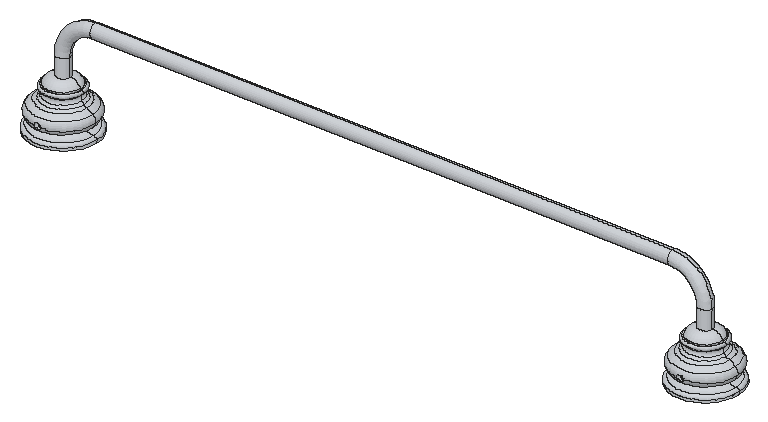
Revit family "Accessory-Towel_Bar-KOHLER-FAIRFAX-K-12151T", category Specialty Equipment, host Face, Revit 2017
Family settings
  Host = Face
  Round Connector Dimension = Use Diameter
  Part Type = Normal
  OmniClass Number = 23.31.25.25
  OmniClass Title = Towel Bars
  Cut with Voids When Loaded = No
  Shared = No
  Room Calculation Point = No
Parameters (values of type "CP-Polished Chrome")
  Width = 26 127/256"  # constant formula
  WaterSense Certified = 1 = 0  # no
  URL = "http://www.kohler.com.cn/"
  Type = 1
  Product Page URL = "http://www.kohler.com.cn/product/K-12151T-CP/K-12151T-CP/"
  Product Name = "FAIRFAX"  # constant formula
  Product Documentation Link = "http://files.kohler.com.cn/pdfs/accessory_fairfax.pdf"
  Model = if(Type = 1, "K-12151T-CP", if(Type = 2, "K-12151T-BN", if(Type = 3, "K-12151T-BV", "NA")))  # "K-12151T-CP"
  Material = "Brass Construction"  # constant formula
  Master Format 2014 Name = "Toilet, Bath, and Laundry Accessories"  # constant formula
  Master Format 2014 = "10 28 00"  # constant formula
  Manufacturer Address = "158 Jiangchang 3rd Road Zhabei District Shanghai, 200436 China"  # constant formula
  Manufacturer = "KOHLER Co."  # constant formula
  Length = 4 1/64"  # constant formula
  Height = 2 133/256"  # constant formula
  Finish = Kohler-Metal-CP-Polished_Chrome
  Environmental Product Declaration = ""
  Description = "Fairfax 24"  # constant formula
  Default Elevation = 42"
  Declare Label = ""
  Date Modified = "06/15/2020"  # constant formula
  Date Created = "06/15/2020"  # constant formula
  Copyright = "Copyright KOHLER Co."  # constant formula
  Contact Us = "http://www.kohler.com.cn/en/contact/contact-us/"
  Assembly Code = "C1030200"
  ADA Compliant = 1 = 0  # no
Types (4): name | Type | Product Page URL | Model | Finish
  (no name) | 1 | "http://www.kohler.com.cn/product/K-12151T-CP/K-12151T-CP/" | "K-12151T-CP" | Kohler-Metal-CP-Polished_Chrome
  CP-Polished Chrome | 1 | "http://www.kohler.com.cn/product/K-12151T-CP/K-12151T-CP/" | "K-12151T-CP" | Kohler-Metal-CP-Polished_Chrome
  BN-Romen Silver | 2 | "http://www.kohler.com.cn/product/K-12151T-CP/K-12151T-BN/" | "K-12151T-BN" | Kohler-Metal-BN-Roman_Silver
  BV-Romen Copper | 3 | "http://www.kohler.com.cn/product/K-12151T-CP/K-12151T-BV/" | "K-12151T-BV" | Kohler-Metal-BV-Roman_Copper
Reference planes (in)
  plane 1 "Center (Front/Back)": y = 0
  plane 2: z = 0
  plane 3 "Center (Left/Right)": x = 0
  plane 4: x = -12.00787
  plane 5: x = -13.24803
  plane 6: x = -10.76772
  plane 7: x = 12.00787
  plane 8: x = 13.24806
  plane 9: x = 10.76775
  plane 10: y = 1.25984
  plane 11: y = 0.25196
  plane 12: y = -1.25969
  plane 13: y = -0.25196
  plane 14: z = 4.01562
Dimensions and locks (in)
  "Width": plane 5 to plane 8
  locked: plane 4 to plane 7 at 24.01575
  "Height": plane 12 to plane 10
  plane 9 to plane 8 = 2.48031"
  "Length": level to plane 14
  aligned and locked: plane 2 to host face
  aligned and locked: level to host face
  aligned and locked: plane 3 "Center (Left/Right)" to nested 1
  aligned and locked: plane 1 "Center (Front/Back)" to nested 1
Automatic sketch dimensions
  host sketch curve to host sketch curve = 96"  (x2)
Nested families (in)
  nested 1: "K-12151T" at (0, 0, 0), type "K-12151T"
Definition of nested family "K-12151T"
  Parameters (values of type "K-12151T")
    Material = none
  Reference planes (in)
    plane 1 "Center (Front/Back)": y = 0
    plane 2: z = 0
    plane 3 "Center (Left/Right)": x = 0
    plane 4: x = -12.00787
    plane 5: z = 4.01575
    plane 6: x = 12.00787
    plane 7: y = 1.25984
    plane 8: y = -1.25984
    plane 9: x = -13.24803
    plane 10: x = 13.24803
    plane 11: x = -10.76772
    plane 12: x = 10.76772
    plane 13: y = 0.25196
    plane 14: y = -0.25196
  Forms (in)
    Revolve 1, solid, material <- "Material", detail levels medium+fine
      sketch origin (0.00787, 0, 0) x (1, 0, 0) y (0, 0, 1)
        loop
          line (-13.09326, 0.44291) -> (-12.79925, 0.44291)
          arc (-12.79925, 0.44291) -> (-12.93188, 0.26114) -> (-13.14845, 0.20002) r 0.3445
          arc (-13.14845, 0.20002) -> (-13.22543, 0.17197) -> (-13.25787, 0.09673) r 0.10346
          line (-13.25787, 0.09673) -> (-13.25787, 0) -> (-12.00787, 0) -> (-12.00787, 1.85701) -> (-12.25984, 1.85701)
          arc (-12.25984, 1.85701) -> (-12.49641, 1.78389) -> (-12.64156, 1.58329) r 0.39084
          arc (-12.64156, 1.58329) -> (-12.63857, 1.56527) -> (-12.62226, 1.55701) r 0.02023
          line (-12.62226, 1.55701) -> (-12.69537, 1.55701)
          arc (-12.69537, 1.55701) -> (-12.75214, 1.51857) -> (-12.74053, 1.45101) r 0.06323
          arc (-12.74053, 1.45101) -> (-12.71895, 1.42803) -> (-12.69686, 1.40555) r 1.41987
          arc (-12.69686, 1.40555) -> (-12.65343, 1.30884) -> (-12.68563, 1.20784) r 0.14834
          arc (-12.68563, 1.20784) -> (-12.72881, 1.16137) -> (-12.77842, 1.12183) r 0.42563
          arc (-12.77842, 1.12183) -> (-12.84278, 1.08073) -> (-12.90949, 1.04357) r 1.27084
          arc (-12.90949, 1.04357) -> (-13.01741, 0.97754) -> (-13.11491, 0.89692) r 0.89261
          arc (-13.11491, 0.89692) -> (-13.1933, 0.76067) -> (-13.18518, 0.60369) r 0.27777
          arc (-13.18518, 0.60369) -> (-13.14651, 0.51914) -> (-13.09326, 0.44291) r 0.51489
        axis (-12.00787, 0) -> (-12.00787, 1.85701)
      angle from 0 to 360
    Extrusion 2, void
      sketch origin (0.00787, 0, 0) x (1, 0, 0) y (0, 0, 1)
        loop
          spline (-12.00787, 0.76025) -> (-12.04153, 0.75563) -> (-12.0729, 0.7421) -> (-12.09984, 0.72057) -> (-12.1205, 0.69251) -> (-12.1335, 0.65984) -> (-12.13793, 0.62477) -> (-12.1335, 0.58971) -> (-12.1205, 0.55704) -> (-12.09984, 0.52898) -> (-12.0729, 0.50745) -> (-12.04153, 0.49392) -> (-12.00787, 0.4893)
          spline (-12.00787, 0.4893) -> (-11.97421, 0.49392) -> (-11.94285, 0.50745) -> (-11.91591, 0.52898) -> (-11.89524, 0.55704) -> (-11.88225, 0.58971) -> (-11.87782, 0.62477) -> (-11.88225, 0.65984) -> (-11.89524, 0.69251) -> (-11.91591, 0.72057) -> (-11.94285, 0.7421) -> (-11.97421, 0.75563) -> (-12.00787, 0.76025)
      from 1.02657 to 1.25322
    Revolve 3, solid, material <- "Material", detail levels medium+fine
      sketch origin (-0.00787, 0, 0) x (-1, 0, 0) y (0, 0, 1)
        loop
          line (-13.09326, 0.44291) -> (-12.79925, 0.44291)
          arc (-12.79925, 0.44291) -> (-12.92993, 0.26251) -> (-13.14368, 0.19978) r 0.3445
          arc (-13.14368, 0.19978) -> (-13.22412, 0.16952) -> (-13.25787, 0.09048) r 0.1094
          line (-13.25787, 0.09048) -> (-13.25787, 0) -> (-12.00787, 0) -> (-12.00787, 1.85701) -> (-12.25984, 1.85701)
          arc (-12.25984, 1.85701) -> (-12.49641, 1.78389) -> (-12.64156, 1.58329) r 0.39084
          arc (-12.64156, 1.58329) -> (-12.63857, 1.56527) -> (-12.62226, 1.55701) r 0.02023
          line (-12.62226, 1.55701) -> (-12.69537, 1.55701)
          arc (-12.69537, 1.55701) -> (-12.75214, 1.51857) -> (-12.74053, 1.45101) r 0.06323
          arc (-12.74053, 1.45101) -> (-12.71895, 1.42803) -> (-12.69686, 1.40555) r 1.41987
          arc (-12.69686, 1.40555) -> (-12.65343, 1.30884) -> (-12.68563, 1.20784) r 0.14834
          arc (-12.68563, 1.20784) -> (-12.72881, 1.16137) -> (-12.77842, 1.12183) r 0.42563
          arc (-12.77842, 1.12183) -> (-12.84278, 1.08073) -> (-12.90949, 1.04357) r 1.27084
          arc (-12.90949, 1.04357) -> (-13.01741, 0.97754) -> (-13.11491, 0.89692) r 0.89261
          arc (-13.11491, 0.89692) -> (-13.1933, 0.76067) -> (-13.18518, 0.60369) r 0.27777
          arc (-13.18518, 0.60369) -> (-13.14651, 0.51914) -> (-13.09326, 0.44291) r 0.51489
        axis (-12.00787, 0) -> (-12.00787, 1.85701)
      angle from 0 to 360
    Extrusion 4, void
      sketch origin (-0.00787, 0, 0) x (-1, 0, 0) y (0, 0, -1)
        loop
          spline (-12.00787, -0.76025) -> (-11.97421, -0.75563) -> (-11.94285, -0.7421) -> (-11.91591, -0.72057) -> (-11.89524, -0.69251) -> (-11.88225, -0.65984) -> (-11.87782, -0.62477) -> (-11.88225, -0.58971) -> (-11.89524, -0.55704) -> (-11.91591, -0.52898) -> (-11.94285, -0.50745) -> (-11.97421, -0.49392) -> (-12.00787, -0.4893)
          spline (-12.00787, -0.4893) -> (-12.04153, -0.49392) -> (-12.0729, -0.50745) -> (-12.09984, -0.52898) -> (-12.1205, -0.55704) -> (-12.1335, -0.58971) -> (-12.13793, -0.62477) -> (-12.1335, -0.65984) -> (-12.1205, -0.69251) -> (-12.09984, -0.72057) -> (-12.0729, -0.7421) -> (-12.04153, -0.75563) -> (-12.00787, -0.76025)
      from 1.02657 to 1.25322
    Sweep 5, solid, material <- "Material", detail levels medium+fine
      path origin (0, 0, 0.01405) x (1, 0, 0) y (0, 0, 1)
        loop
          line (-12, 1.81074) -> (-12, 2.52523)
          arc (-12, 2.52523) -> (-11.64597, 3.37995) -> (-10.79125, 3.73398) r 1.20875
          line (-10.79125, 3.73398) -> (10.79125, 3.73398)
          arc (10.79125, 3.73398) -> (11.64597, 3.37995) -> (12, 2.52523) r 1.20875
          line (12, 2.52523) -> (12, 1.80843)
      profile origin (-12, 0, 1.82479) x (-1, 0, 0) y (0, -1, 0)
        loop
          circle (0, 0) r 0.25196
    Revolve 6, solid, material <- "Material", detail levels coarse
      sketch origin (0, 0, 0) x (1, 0, 0) y (0, 0, 1)
        loop
          line (-13.36683, 0) -> (-12, 0) -> (-12, 1.90569) -> (-12.79137, 1.90569) -> (-12.79137, 1.55475) -> (-13.25, 1.55475) -> (-13.25, 0.30475) -> (-13.36683, 0.30475) -> (-13.36683, 0)
        axis (-12, 1.90569) -> (-12, 0)
      angle from 0 to 360
    Revolve 7, solid, material <- "Material", detail levels coarse
      sketch origin (0, 0, 0) x (-1, 0, 0) y (0, 0, 1)
        loop
          line (-13.36683, 0) -> (-12, 0) -> (-12, 1.90569) -> (-12.79137, 1.90569) -> (-12.79137, 1.55475) -> (-13.25, 1.55475) -> (-13.25, 0.30475) -> (-13.36683, 0.30475) -> (-13.36683, 0)
        axis (-12, 1.90569) -> (-12, 0)
      angle from 0 to 360
    Sweep 8, solid, material <- "Material", detail levels coarse
      path origin (0, 0, 0) x (1, 0, 0) y (0, 0, 1)
        loop
          line (-12, 1.90569) -> (-12, 2.35701)
          arc (-12, 2.35701) -> (-11.63388, 3.24089) -> (-10.75, 3.60701) r 1.25
          line (-10.75, 3.60701) -> (10.75, 3.60701)
          arc (10.75, 3.60701) -> (11.63388, 3.24089) -> (12, 2.35701) r 1.25
          line (12, 2.35701) -> (12, 1.90569)
      profile origin (-12, 0, 1.90569) x (-1, 0, 0) y (0, -1, 0)
        loop
          circle (0, 0) r 0.43272
  Cuts and joins
    Extrusion 2, Extrusion 4 cuts Revolve 1
    Extrusion 4 cuts Revolve 3
    joined: Revolve 1, Revolve 3, Sweep 5
    joined: Revolve 6, Revolve 7, Sweep 8
  Lines and regions (in)
    Masking region 1
      outline origin (0, 0, 0) x (1, 0, 0) y (0, 1, 0)
        loop
          arc (10.79317, -0.25196) -> (11.22315, -0.96967) -> (12.00787, -1.25984) r 1.26
          arc (12.00787, -1.25984) -> (12.88597, -0.88391) -> (13.24803, 0) r 1.26
          arc (13.24803, 0) -> (12.88597, 0.88391) -> (12.00787, 1.25984) r 1.26
          arc (12.00787, 1.25984) -> (11.22315, 0.96967) -> (10.79317, 0.25196) r 1.26
          line (10.79317, 0.25196) -> (-10.79317, 0.25196)
          arc (-10.79317, 0.25196) -> (-11.22315, 0.96967) -> (-12.00787, 1.25984) r 1.26
          arc (-12.00787, 1.25984) -> (-12.88597, 0.88391) -> (-13.24803, 0) r 1.26
          arc (-13.24803, 0) -> (-12.88597, -0.88391) -> (-12.00787, -1.25984) r 1.26
          arc (-12.00787, -1.25984) -> (-11.22315, -0.96967) -> (-10.79317, -0.25196) r 1.26
          line (-10.79317, -0.25196) -> (10.79317, -0.25196)
    Masking region 2
      outline origin (0, 0, 0) x (1, 0, 0) y (0, 0, 1)
        loop
          line (13.24803, 0) -> (13.24803, 0.11121)
          arc (13.24803, 0.11121) -> (13.21008, 0.17501) -> (13.14013, 0.19985) r 0.10929
          line (13.14013, 0.19985) -> (13.10176, 0.19985)
          arc (13.10176, 0.19985) -> (12.90837, 0.27261) -> (12.79137, 0.44291) r 0.34455
          line (12.79137, 0.44291) -> (13.08539, 0.44291)
          arc (13.08539, 0.44291) -> (13.12254, 0.49317) -> (13.15287, 0.54781) r 0.48086
          arc (13.15287, 0.54781) -> (13.17495, 0.60316) -> (13.19001, 0.66082) r 0.48086
          arc (13.19001, 0.66082) -> (13.19223, 0.73391) -> (13.17088, 0.80385) r 0.22496
          arc (13.17088, 0.80385) -> (13.11484, 0.88765) -> (13.03914, 0.95421) r 0.38872
          arc (13.03914, 0.95421) -> (12.9496, 1.01665) -> (12.85424, 1.06975) r 1.08316
          arc (12.85424, 1.06975) -> (12.75934, 1.12931) -> (12.6786, 1.20698) r 0.54606
          arc (12.6786, 1.20698) -> (12.64443, 1.30028) -> (12.6786, 1.39358) r 0.14448
          arc (12.6786, 1.39358) -> (12.70625, 1.4236) -> (12.73426, 1.45327) r 3.3
          arc (12.73426, 1.45327) -> (12.74944, 1.49165) -> (12.73698, 1.53099) r 0.06157
          arc (12.73698, 1.53099) -> (12.71513, 1.54951) -> (12.6875, 1.55701) r 0.0659
          line (12.6875, 1.55701) -> (12.61473, 1.55701)
          arc (12.61473, 1.55701) -> (12.63071, 1.56519) -> (12.63371, 1.58289) r 0.02002
          arc (12.63371, 1.58289) -> (12.48909, 1.78437) -> (12.25196, 1.85701) r 0.38776
          line (12.25196, 1.85701) -> (12.25196, 2.58272)
          arc (12.25196, 2.58272) -> (11.83224, 3.59602) -> (10.81894, 4.01575) r 1.43303
          line (10.81894, 4.01575) -> (-10.81894, 4.01575)
          arc (-10.81894, 4.01575) -> (-11.83224, 3.59602) -> (-12.25196, 2.58272) r 1.43303
          line (-12.25196, 2.58272) -> (-12.25196, 1.85701)
          arc (-12.25196, 1.85701) -> (-12.48909, 1.78437) -> (-12.63371, 1.58289) r 0.38776
          arc (-12.63371, 1.58289) -> (-12.63071, 1.56519) -> (-12.61473, 1.55701) r 0.02002
          line (-12.61473, 1.55701) -> (-12.6875, 1.55701)
          arc (-12.6875, 1.55701) -> (-12.71513, 1.54951) -> (-12.73698, 1.53099) r 0.0659
          arc (-12.73698, 1.53099) -> (-12.74944, 1.49165) -> (-12.73426, 1.45327) r 0.06157
          arc (-12.73426, 1.45327) -> (-12.70625, 1.4236) -> (-12.6786, 1.39358) r 3.3
          arc (-12.6786, 1.39358) -> (-12.64443, 1.30028) -> (-12.6786, 1.20698) r 0.14448
          arc (-12.6786, 1.20698) -> (-12.75934, 1.12931) -> (-12.85424, 1.06975) r 0.54606
          arc (-12.85424, 1.06975) -> (-12.9496, 1.01665) -> (-13.03914, 0.95421) r 1.08316
          arc (-13.03914, 0.95421) -> (-13.11484, 0.88765) -> (-13.17088, 0.80385) r 0.38872
          arc (-13.17088, 0.80385) -> (-13.19223, 0.73391) -> (-13.19001, 0.66082) r 0.22496
          arc (-13.19001, 0.66082) -> (-13.17495, 0.60316) -> (-13.15287, 0.54781) r 0.48086
          arc (-13.15287, 0.54781) -> (-13.12254, 0.49317) -> (-13.08539, 0.44291) r 0.48086
          line (-13.08539, 0.44291) -> (-12.79137, 0.44291)
          arc (-12.79137, 0.44291) -> (-12.90837, 0.27261) -> (-13.10176, 0.19985) r 0.34455
          line (-13.10176, 0.19985) -> (-13.14013, 0.19985)
          arc (-13.14013, 0.19985) -> (-13.21008, 0.17501) -> (-13.24803, 0.11121) r 0.10929
          line (-13.24803, 0.11121) -> (-13.24803, 0) -> (-10.76772, 0) -> (-10.76772, 0.12155)
          arc (-10.76772, 0.12155) -> (-10.79065, 0.17692) -> (-10.84602, 0.19985) r 0.0783
          line (-10.84602, 0.19985) -> (-10.89824, 0.19985)
          arc (-10.89824, 0.19985) -> (-11.09163, 0.27261) -> (-11.20863, 0.44291) r 0.34455
          line (-11.20863, 0.44291) -> (-10.91461, 0.44291)
          arc (-10.91461, 0.44291) -> (-10.87746, 0.49317) -> (-10.84713, 0.54781) r 0.48086
          arc (-10.84713, 0.54781) -> (-10.82505, 0.60316) -> (-10.80999, 0.66082) r 0.48086
          arc (-10.80999, 0.66082) -> (-10.80777, 0.73391) -> (-10.82912, 0.80385) r 0.22496
          arc (-10.82912, 0.80385) -> (-10.88516, 0.88765) -> (-10.96086, 0.95421) r 0.38872
          arc (-10.96086, 0.95421) -> (-11.0504, 1.01665) -> (-11.14576, 1.06975) r 1.08316
          arc (-11.14576, 1.06975) -> (-11.24066, 1.12931) -> (-11.3214, 1.20698) r 0.54606
          arc (-11.3214, 1.20698) -> (-11.35557, 1.30028) -> (-11.3214, 1.39358) r 0.14448
          arc (-11.3214, 1.39358) -> (-11.29375, 1.4236) -> (-11.26574, 1.45327) r 3.3
          arc (-11.26574, 1.45327) -> (-11.25056, 1.49165) -> (-11.26302, 1.53099) r 0.06157
          arc (-11.26302, 1.53099) -> (-11.28487, 1.54951) -> (-11.3125, 1.55701) r 0.0659
          line (-11.3125, 1.55701) -> (-11.38527, 1.55701)
          arc (-11.38527, 1.55701) -> (-11.36929, 1.56519) -> (-11.36629, 1.58289) r 0.02002
          arc (-11.36629, 1.58289) -> (-11.51091, 1.78437) -> (-11.74804, 1.85701) r 0.38776
          line (-11.74804, 1.85701) -> (-11.74804, 2.57808)
          arc (-11.74804, 2.57808) -> (-11.49148, 3.22795) -> (-10.86018, 3.52732) r 0.95137
          line (-10.86018, 3.52732) -> (10.73316, 3.52732)
          arc (10.73316, 3.52732) -> (11.44655, 3.27289) -> (11.74804, 2.57808) r 0.95137
          line (11.74804, 2.57808) -> (11.74804, 1.85701)
          arc (11.74804, 1.85701) -> (11.51091, 1.78437) -> (11.36629, 1.58289) r 0.38776
          arc (11.36629, 1.58289) -> (11.36929, 1.56519) -> (11.38527, 1.55701) r 0.02002
          line (11.38527, 1.55701) -> (11.3125, 1.55701)
          arc (11.3125, 1.55701) -> (11.28487, 1.54951) -> (11.26302, 1.53099) r 0.0659
          arc (11.26302, 1.53099) -> (11.25056, 1.49165) -> (11.26574, 1.45327) r 0.06157
          arc (11.26574, 1.45327) -> (11.29375, 1.4236) -> (11.3214, 1.39358) r 3.3
          arc (11.3214, 1.39358) -> (11.35557, 1.30028) -> (11.3214, 1.20698) r 0.14448
          arc (11.3214, 1.20698) -> (11.24066, 1.12931) -> (11.14576, 1.06975) r 0.54606
          arc (11.14576, 1.06975) -> (11.0504, 1.01665) -> (10.96086, 0.95421) r 1.08316
          arc (10.96086, 0.95421) -> (10.88516, 0.88765) -> (10.82912, 0.80385) r 0.38872
          arc (10.82912, 0.80385) -> (10.80777, 0.73391) -> (10.80999, 0.66082) r 0.22496
          arc (10.80999, 0.66082) -> (10.82505, 0.60316) -> (10.84713, 0.54781) r 0.48086
          arc (10.84713, 0.54781) -> (10.87746, 0.49317) -> (10.91461, 0.44291) r 0.48086
          line (10.91461, 0.44291) -> (11.20863, 0.44291)
          arc (11.20863, 0.44291) -> (11.09163, 0.27261) -> (10.89824, 0.19985) r 0.34455
          line (10.89824, 0.19985) -> (10.84602, 0.19985)
          arc (10.84602, 0.19985) -> (10.79065, 0.17692) -> (10.76772, 0.12155) r 0.0783
          line (10.76772, 0.12155) -> (10.76772, 0) -> (13.24803, 0)
    Masking region 3
      outline origin (0, 0, 0) x (0, 1, 0) y (0, 0, 1)
        loop
          line (0.79139, 0.44291) -> (1.08539, 0.44291)
          arc (1.08539, 0.44291) -> (1.15468, 0.55214) -> (1.19212, 0.67596) r 0.47768
          arc (1.19212, 0.67596) -> (1.18467, 0.76203) -> (1.15084, 0.84153) r 0.27455
          arc (1.15084, 0.84153) -> (1.09683, 0.90547) -> (1.03288, 0.95948) r 0.49879
          arc (1.03288, 0.95948) -> (0.95704, 1.01165) -> (0.8769, 1.05695) r 1.04867
          arc (0.8769, 1.05695) -> (0.78687, 1.11101) -> (0.70528, 1.17712) r 0.7498
          arc (0.70528, 1.17712) -> (0.66865, 1.2232) -> (0.64706, 1.27797) r 0.1995
          arc (0.64706, 1.27797) -> (0.64944, 1.3333) -> (0.67155, 1.38407) r 0.15151
          arc (0.67155, 1.38407) -> (0.7013, 1.41823) -> (0.73265, 1.45093) r 0.95052
          arc (0.73265, 1.45093) -> (0.74514, 1.5189) -> (0.6875, 1.55701) r 0.06265
          line (0.6875, 1.55701) -> (0.61667, 1.55701)
          arc (0.61667, 1.55701) -> (0.63149, 1.56456) -> (0.63429, 1.58093) r 0.01843
          arc (0.63429, 1.58093) -> (0.48943, 1.78309) -> (0.25196, 1.85701) r 0.39103
          line (0.25196, 1.85701) -> (0.25196, 3.77968)
          arc (0.25196, 3.77968) -> (0.17264, 3.94751) -> (0, 4.01575) r 0.2525
          arc (0, 4.01575) -> (-0.17264, 3.94751) -> (-0.25196, 3.77968) r 0.2525
          line (-0.25196, 3.77968) -> (-0.25196, 1.85701)
          arc (-0.25196, 1.85701) -> (-0.48943, 1.78309) -> (-0.63429, 1.58093) r 0.39103
          arc (-0.63429, 1.58093) -> (-0.63149, 1.56456) -> (-0.61667, 1.55708) r 0.01843
          line (-0.61667, 1.55708) -> (-0.6875, 1.55701)
          arc (-0.6875, 1.55701) -> (-0.74514, 1.5189) -> (-0.73265, 1.45093) r 0.06265
          arc (-0.73265, 1.45093) -> (-0.7013, 1.41823) -> (-0.67155, 1.38407) r 0.95052
          arc (-0.67155, 1.38407) -> (-0.64944, 1.3333) -> (-0.64706, 1.27797) r 0.15151
          arc (-0.64706, 1.27797) -> (-0.66865, 1.2232) -> (-0.70528, 1.17712) r 0.1995
          arc (-0.70528, 1.17712) -> (-0.78687, 1.11101) -> (-0.8769, 1.05695) r 0.7498
          arc (-0.8769, 1.05695) -> (-0.95704, 1.01165) -> (-1.03288, 0.95948) r 1.04867
          arc (-1.03288, 0.95948) -> (-1.09683, 0.90547) -> (-1.15084, 0.84153) r 0.49879
          arc (-1.15084, 0.84153) -> (-1.18467, 0.76203) -> (-1.19212, 0.67596) r 0.27455
          arc (-1.19212, 0.67596) -> (-1.15468, 0.55214) -> (-1.08539, 0.44291) r 0.47768
          line (-1.08539, 0.44291) -> (-0.79139, 0.44291)
          arc (-0.79139, 0.44291) -> (-0.90685, 0.27444) -> (-1.09712, 0.20019) r 0.34673
          line (-1.09712, 0.20019) -> (-1.15748, 0.20019)
          arc (-1.15748, 0.20019) -> (-1.22986, 0.17021) -> (-1.25984, 0.09783) r 0.10236
          line (-1.25984, 0.09783) -> (-1.25984, 0) -> (0, 0) -> (1.25984, 0) -> (1.25984, 0.09729)
          arc (1.25984, 0.09729) -> (1.2297, 0.17005) -> (1.15694, 0.20019) r 0.10291
          line (1.15694, 0.20019) -> (1.09712, 0.20019)
          arc (1.09712, 0.20019) -> (0.90685, 0.27444) -> (0.79139, 0.44291) r 0.34673
    symbolic lines, detail levels medium+fine
      curve 1: arc (-12, -0.25196, 0) -> (-12.17816, -0.17816, 0) -> (-12.25196, 0, 0) r 0.25196
      curve 2: arc (-12.25196, 0, 0) -> (-12.17816, 0.17816, 0) -> (-12, 0.25196, 0) r 0.25196
      curve 3: arc (-12.6875, 0, 0) -> (-12.12823, -0.67544, 0) -> (-11.36034, -0.25196, 0) r 0.6875
      curve 4: arc (-10.83218, 0.25196, 0) -> (-13.1947, 0, 0) -> (-10.83218, -0.25196, 0) r 1.1947
      curve 5: line (-12, 0.25196, 0) -> (-10.77566, 0.25196, 0)
      curve 6: line (-10.77566, -0.25196, 0) -> (-12, -0.25196, 0)
      curve 7: arc (-11.29359, 0.25196, 0) -> (-12.75, 0, 0) -> (-11.29359, -0.25196, 0) r 0.75
      curve 8: arc (-11.36034, 0.25196, 0) -> (-12.12823, 0.67544, 0) -> (-12.6875, 0, 0) r 0.6875
      curve 9: arc (-11.40558, 0.25196, 0) -> (-12.64562, 0, 0) -> (-11.40558, -0.25196, 0) r 0.64562
      curve 10: arc (12, -0.25196, 0) -> (12.17816, -0.17816, 0) -> (12.25196, 0, 0) r 0.25196
      curve 11: arc (12.25196, 0, 0) -> (12.17816, 0.17816, 0) -> (12, 0.25196, 0) r 0.25196
      curve 12: arc (12.6875, 0, 0) -> (12.12823, -0.67544, 0) -> (11.36034, -0.25196, 0) r 0.6875
      curve 13: arc (10.83218, 0.25196, 0) -> (13.1947, 0, 0) -> (10.83218, -0.25196, 0) r 1.1947
      curve 14: line (12, 0.25196, 0) -> (10.77566, 0.25196, 0)
      curve 15: line (10.77566, -0.25196, 0) -> (12, -0.25196, 0)
      curve 16: arc (11.29359, 0.25196, 0) -> (12.75, 0, 0) -> (11.29359, -0.25196, 0) r 0.75
      curve 17: arc (11.36034, 0.25196, 0) -> (12.12823, 0.67544, 0) -> (12.6875, 0, 0) r 0.6875
      curve 18: arc (11.40558, 0.25196, 0) -> (12.64562, 0, 0) -> (11.40558, -0.25196, 0) r 0.64562
      curve 19: line (12.79137, 0, 0.44291) -> (11.20863, 0, 0.44291)
      curve 20: line (12.61439, 0, 1.55701) -> (11.38561, 0, 1.55701)
      curve 21: line (12.25196, 0, 1.85701) -> (11.74804, 0, 1.85701)
      curve 22: line (13.10176, 0, 0.19985) -> (10.89824, 0, 0.19985)
      curve 23: line (-10.89824, 0, 0.19985) -> (-13.10176, 0, 0.19985)
      curve 24: line (-11.20863, 0, 0.44291) -> (-12.79137, 0, 0.44291)
      curve 25: line (-11.38561, 0, 1.55701) -> (-12.61473, 0, 1.55701)
      curve 26: line (-11.74804, 0, 1.85701) -> (-12.25196, 0, 1.85701)
      curve 27: line (0, 0.25196, 1.85701) -> (0, -0.25196, 1.85701)
      curve 28: line (0, 0.61439, 1.55701) -> (0, -0.64082, 1.55701)
      curve 29: line (0, 0.79139, 0.44291) -> (0, -0.79139, 0.44291)
      curve 30: line (0, 1.09712, 0.20019) -> (0, -1.09712, 0.20019)
  Dimensions and locks (in)
    plane 3 "Center (Left/Right)" to plane 4 = 12.00787"
    plane 5 to level = 4.01575"  (x2)
    locked: plane 4 to plane 6 at 24.01575
    locked: plane 7 to plane 8 at 2.51969
    locked: plane 9 to plane 10 at 26.49606
    aligned and locked: plane 2 to level
